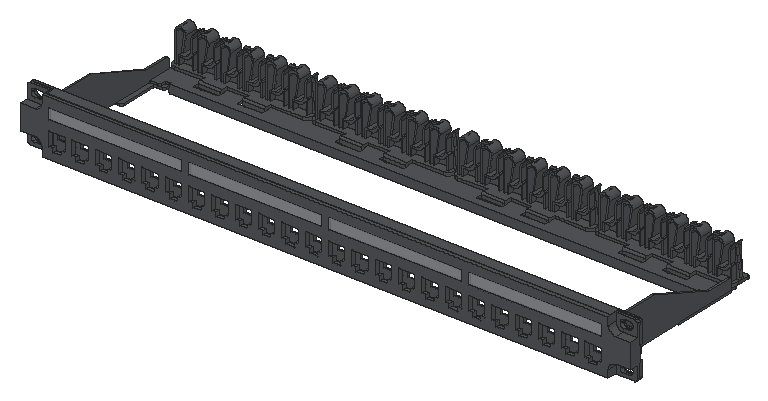
Revit family "Patch panel", category Equipement spécialisé, Revit 2020
Family settings
  Cote de connecteur circulaire = Utiliser le diamètre
  Type d'élément = Normal
  Basée sur le plan de construction = Non
  Toujours verticalement = Oui
  Couper avec des vides une fois chargée = Non
  Partagée = Oui
  Point de calcul de pièce = Non
Parameters (values of type "Patch panel")
  Width (mm) = 482.6 mm
  Storage temperature = "-10_à_70"
  Shielded = yes
  RAL Number = "9017"
  Operating temperature = "-10_à_60"
  Number of height units = "1"
  Number of connectors = 24
  Modular spacing = "19 inches"
  Legrand part number = "632850"
  IK = "IK04"
  Height = 43.8 mm
  Function = "Patch panels connectors copper"
  Elévation par défaut = 0 mm
  ETIM class = "EC001128"
  EAN = "3414972185509"
  E-catalogue link = "https://www.legrand.fr/reference/632850/pro"
  Depth = 140 mm
  Connector type = "RJ45"
  Color = IDS_NOIR
  Cable nature for connection = "Flexible"
  BIM wording = "Patch panel 24 RJ45 Cat 5e 6 6A Keystone to equip with metal cable ring"
Reference planes
  plane 1 "Centre (avant/arrière)": y = 106
  plane 2: z = 0
  plane 3: x = 0
  plane 4: x = 464.6
  plane 5: z = 43.8
  plane 6: y = 104.5
  plane 7: x = -18
  plane 8: x = 446.6
  plane 9: x = 1.5
  plane 10: x = 445.1
  plane 11: z = 25.65
  plane 12: z = 14.175
  plane 13: x = -4.9
  plane 14: x = 223.3
  plane 15: x = -14.8
  plane 16: x = -4.5
  plane 17: z = 41.2
  plane 18: z = 34.4
  plane 19: z = 2.6
  plane 20: z = 9.4
  plane 21: z = 42.3
  plane 22: z = 1.5
  plane 23: y = 97.8
  plane 24: x = -5.65
  plane 25: x = -7.15
  plane 26: y = 118.8
  plane 27: z = 17.175
  plane 28: z = 23.65
  plane 29: x = 461.4
  plane 30: x = 451.1
  plane 31: z = 41.2
  plane 32: z = 34.4
  plane 33: z = 2.6
  plane 34: z = 9.4
  plane 35: x = 452.25
  plane 36: x = 453.75
  plane 37: y = 118.8
  plane 38: x = 221.465
  plane 39: x = 206.665
  plane 40: z = 29.433
  plane 41: z = 8.833
  plane 42: x = 216.065
  plane 43: x = 212.065
  plane 44: z = 31.533
  plane 45: y = 94.8
  plane 46: y = 102
  plane 47: x = 220.575
  plane 48: x = 207.575
  plane 49: z = 20.133
  plane 50: x = 210.675
  plane 51: z = 5.633
  plane 52: x = 217.475
  plane 53: x = 202.125
  plane 54: x = 189.125
  plane 55: z = 20.133
  plane 56: x = 192.225
  plane 57: z = 5.633
  plane 58: x = 199.025
  plane 59: x = 183.675
  plane 60: x = 170.675
  plane 61: z = 20.133
  plane 62: x = 173.775
  plane 63: z = 5.633
  plane 64: x = 180.575
  plane 65: x = 165.225
  plane 66: x = 152.225
  plane 67: z = 20.133
  plane 68: x = 155.325
  plane 69: z = 5.633
  plane 70: x = 162.125
  plane 71: x = 146.775
  plane 72: x = 133.775
  plane 73: z = 20.133
  plane 74: x = 136.875
  plane 75: z = 5.633
  plane 76: x = 143.675
  plane 77: x = 128.325
  plane 78: x = 115.325
  plane 79: z = 20.133
  plane 80: x = 118.425
  plane 81: z = 5.633
  plane 82: x = 125.225
  plane 83: x = 109.875
  plane 84: x = 96.875
  plane 85: z = 20.133
  plane 86: x = 99.975
  plane 87: z = 5.633
  plane 88: x = 106.775
  plane 89: x = 91.425
  plane 90: x = 78.425
  plane 91: z = 20.133
  plane 92: x = 81.525
  plane 93: z = 5.633
  plane 94: x = 88.325
  plane 95: x = 72.975
  plane 96: x = 59.975
  plane 97: z = 20.133
  plane 98: x = 63.075
  plane 99: z = 5.633
  plane 100: x = 69.875
  plane 101: x = 54.525
  plane 102: x = 41.525
  plane 103: z = 20.133
  plane 104: x = 44.625
  plane 105: z = 5.633
  plane 106: x = 51.425
  plane 107: x = 36.075
  plane 108: x = 23.075
  plane 109: z = 20.133
  plane 110: x = 26.175
  plane 111: z = 5.633
  plane 112: x = 32.975
  plane 113: x = 17.625
  plane 114: x = 4.625
  plane 115: z = 20.133
  plane 116: x = 7.725
  plane 117: z = 5.633
  plane 118: x = 14.525
  plane 119: x = 226.025
  plane 120: x = 239.025
  plane 121: z = 20.133
  plane 122: x = 235.925
  plane 123: z = 5.633
  plane 124: x = 229.125
  plane 125: x = 244.475
  plane 126: x = 257.475
  plane 127: z = 20.133
  plane 128: x = 254.375
  plane 129: z = 5.633
  plane 130: x = 247.575
  plane 131: x = 262.925
  plane 132: x = 275.925
  plane 133: z = 20.133
  plane 134: x = 272.825
  plane 135: z = 5.633
  plane 136: x = 266.025
  plane 137: x = 281.375
  plane 138: x = 294.375
  plane 139: z = 20.133
  plane 140: x = 291.275
  plane 141: z = 5.633
  plane 142: x = 284.475
  plane 143: x = 299.825
  plane 144: x = 312.825
  plane 145: z = 20.133
  plane 146: x = 309.725
  plane 147: z = 5.633
  plane 148: x = 302.925
  plane 149: x = 318.275
  plane 150: x = 331.275
  plane 151: z = 20.133
  plane 152: x = 328.175
  plane 153: z = 5.633
  plane 154: x = 321.375
  plane 155: x = 336.725
  plane 156: x = 349.725
  plane 157: z = 20.133
  plane 158: x = 346.625
  plane 159: z = 5.633
  plane 160: x = 339.825
  plane 161: x = 355.175
  plane 162: x = 368.175
  plane 163: z = 20.133
  plane 164: x = 365.075
  plane 165: z = 5.633
  plane 166: x = 358.275
  plane 167: x = 373.625
  plane 168: x = 386.625
  plane 169: z = 20.133
  plane 170: x = 383.525
  plane 171: z = 5.633
  plane 172: x = 376.725
  plane 173: x = 392.075
  plane 174: x = 405.075
  plane 175: z = 20.133
  plane 176: x = 401.975
  plane 177: z = 5.633
  plane 178: x = 395.175
  plane 179: x = 410.525
  plane 180: x = 423.525
  plane 181: z = 20.133
  plane 182: x = 420.425
  plane 183: z = 5.633
  plane 184: x = 413.625
  plane 185: x = 428.975
  plane 186: x = 441.975
  plane 187: z = 20.133
  plane 188: x = 438.875
  plane 189: z = 5.633
  plane 190: x = 432.075
  plane 191: x = 220.575
  plane 192: x = 115.325
  plane 193: z = 27.7
  plane 194: z = 36.55
  plane 195: x = 109.875
  plane 196: x = 4.625
  plane 197: z = 27.7
  plane 198: z = 36.55
  plane 199: x = 226.025
  plane 200: x = 331.275
  plane 201: z = 27.7
  plane 202: z = 36.55
  plane 203: x = 336.725
  plane 204: x = 441.975
  plane 205: z = 27.7
  plane 206: z = 36.55
  plane 207: z = 38.7
  plane 208: y = 127.2
  plane 209: z = 8.1
  plane 210: y = 216.8
  plane 211: z = 1.7
  plane 212: z = 17.7
  plane 213: y = 195.8
  plane 214: y = 141.2
  plane 215: y = 165.26
  plane 216: y = 197.76
  plane 217: y = 224.3
  plane 218: x = 6
  plane 219: x = 13.925
  plane 220: z = 38.7
  plane 221: y = 127.2
  plane 222: z = 8.1
  plane 223: y = 216.8
  plane 224: z = 1.7
  plane 225: z = 17.7
  plane 226: y = 195.8
  plane 227: y = 141.2
  plane 228: y = 165.26
  plane 229: y = 197.76
  plane 230: y = 224.3
  plane 231: x = 440.6
  plane 232: x = 432.675
  plane 233: y = 197.8
  plane 234: y = 224.3
  plane 235: x = 1.75
  plane 236: x = 444.85
  plane 237: y = 203.3
  plane 238: x = 10.225
  plane 239: x = 436.375
  plane 240: x = 14.225
  plane 241: x = 432.375
  plane 242: z = 3.2
  plane 243: x = 194.432
  plane 244: y = 208.3
  plane 245: y = 214.3
  plane 246: x = 174.802
  plane 247: y = 208.3
  plane 248: y = 214.3
  plane 249: x = 62.802
  plane 250: y = 208.3
  plane 251: y = 214.3
  plane 252: x = 271.798
  plane 253: y = 208.3
  plane 254: y = 214.3
  plane 255: x = 383.798
  plane 256: x = 210.05
  plane 257: y = 230.3
  plane 258: y = 233.3
  plane 259: x = 208.05
  plane 260: x = 217.05
  plane 261: x = 191.95
  plane 262: y = 230.3
  plane 263: y = 233.3
  plane 264: x = 189.95
  plane 265: x = 198.95
  plane 266: x = 173.85
  plane 267: y = 230.3
  plane 268: y = 233.3
  plane 269: x = 171.85
  plane 270: x = 180.85
  plane 271: x = 155.75
  plane 272: y = 230.3
  plane 273: y = 233.3
  plane 274: x = 153.75
  plane 275: x = 162.75
  plane 276: x = 137.65
  plane 277: y = 230.3
  plane 278: y = 233.3
  plane 279: x = 135.65
  plane 280: x = 144.65
  plane 281: x = 119.55
  plane 282: y = 230.3
  plane 283: y = 233.3
  plane 284: x = 117.55
  plane 285: x = 126.55
  plane 286: x = 98.05
  plane 287: y = 230.3
  plane 288: y = 233.3
  plane 289: x = 96.05
  plane 290: x = 105.05
  plane 291: x = 79.95
  plane 292: y = 230.3
  plane 293: y = 233.3
  plane 294: x = 77.95
  plane 295: x = 86.95
  plane 296: x = 61.85
  plane 297: y = 230.3
  plane 298: y = 233.3
  plane 299: x = 59.85
  plane 300: x = 68.85
  plane 301: x = 43.75
  plane 302: y = 230.3
  plane 303: y = 233.3
  plane 304: x = 41.75
  plane 305: x = 50.75
  plane 306: x = 25.65
  plane 307: y = 230.3
  plane 308: y = 233.3
  plane 309: x = 23.65
  plane 310: x = 32.65
  plane 311: x = 7.55
  plane 312: y = 230.3
  plane 313: y = 233.3
  plane 314: x = 5.55
  plane 315: x = 14.55
  plane 316: x = 236.55
  plane 317: y = 230.3
  plane 318: y = 233.3
  plane 319: x = 238.55
  plane 320: x = 229.55
  plane 321: x = 254.65
  plane 322: y = 230.3
  plane 323: y = 233.3
  plane 324: x = 256.65
  plane 325: x = 247.65
  plane 326: x = 272.75
  plane 327: y = 230.3
  plane 328: y = 233.3
  plane 329: x = 274.75
  plane 330: x = 265.75
  plane 331: x = 290.85
  plane 332: y = 230.3
  plane 333: y = 233.3
  plane 334: x = 292.85
  plane 335: x = 283.85
  plane 336: x = 308.95
  plane 337: y = 230.3
  plane 338: y = 233.3
  plane 339: x = 310.95
  plane 340: x = 301.95
  plane 341: x = 327.05
  plane 342: y = 230.3
  plane 343: y = 233.3
  plane 344: x = 329.05
  plane 345: x = 320.05
  plane 346: x = 348.55
  plane 347: y = 230.3
  plane 348: y = 233.3
  plane 349: x = 350.55
  plane 350: x = 341.55
  plane 351: x = 366.65
  plane 352: y = 230.3
  plane 353: y = 233.3
  plane 354: x = 368.65
  plane 355: x = 359.65
  plane 356: x = 384.75
  plane 357: y = 230.3
  plane 358: y = 233.3
  plane 359: x = 386.75
  plane 360: x = 377.75
  plane 361: x = 402.85
  plane 362: y = 230.3
  plane 363: y = 233.3
  plane 364: x = 404.85
  plane 365: x = 395.85
  plane 366: x = 420.95
  plane 367: y = 230.3
  plane 368: y = 233.3
  plane 369: x = 422.95
  plane 370: x = 413.95
  plane 371: x = 439.05
  plane 372: y = 230.3
  plane 373: y = 233.3
  plane 374: x = 441.05
  plane 375: x = 432.05
  plane 376: y = 218.3
  plane 377: y = 234.8
  plane 378: x = 0.4
  plane 379: x = 111.4
  plane 380: x = 28.9
  plane 381: x = 55.3
  plane 382: x = 5.4
  plane 383: z = 4.1
  plane 384: y = 233.55
  plane 385: y = 234.8
  plane 386: x = 7.9
  plane 387: z = 7.6
  plane 388: y = 232.3
  plane 389: y = 234.3
  plane 390: z = 6.6
  plane 391: x = 28.15
  plane 392: z = 4.1
  plane 393: y = 233.55
  plane 394: y = 234.8
  plane 395: z = 7.6
  plane 396: y = 232.3
  plane 397: y = 234.3
  plane 398: z = 6.6
  plane 399: y = 231.765
  plane 400: x = 0.4
  plane 401: z = 34.6
  plane 402: x = 17.9
  plane 403: z = 36.6
  plane 404: x = 16.7
  plane 405: x = 5.7
  plane 406: z = 18.6
  plane 407: x = 15.5
  plane 408: z = 33.55
  plane 409: x = 6.9
  plane 410: z = 17.4
  plane 411: x = 16.7
  plane 412: z = 22.4
  plane 413: x = 18.4
  plane 414: z = 34.6
  plane 415: x = 35.9
  plane 416: z = 36.6
  plane 417: x = 34.7
  plane 418: x = 23.7
  plane 419: z = 18.6
  plane 420: x = 33.5
  plane 421: z = 33.55
  plane 422: x = 24.9
  plane 423: z = 17.4
  plane 424: x = 34.7
  plane 425: z = 22.4
  plane 426: x = 36.4
  plane 427: z = 34.6
  plane 428: x = 53.9
  plane 429: z = 36.6
  plane 430: x = 52.7
  plane 431: x = 41.7
  plane 432: z = 18.6
  plane 433: x = 51.5
  plane 434: z = 33.55
  plane 435: x = 42.9
  plane 436: z = 17.4
  plane 437: x = 52.7
  plane 438: z = 22.4
  plane 439: x = 54.4
  plane 440: z = 34.6
  plane 441: x = 71.9
  plane 442: z = 36.6
  plane 443: x = 70.7
  plane 444: x = 59.7
  plane 445: z = 18.6
  plane 446: x = 69.5
  plane 447: z = 33.55
  plane 448: x = 60.9
  plane 449: z = 17.4
  plane 450: x = 70.7
  plane 451: z = 22.4
  plane 452: x = 72.4
  plane 453: z = 34.6
  plane 454: x = 89.9
  plane 455: z = 36.6
  plane 456: x = 88.7
  plane 457: x = 77.7
  plane 458: z = 18.6
  plane 459: x = 87.5
  plane 460: z = 33.55
  plane 461: x = 78.9
  plane 462: z = 17.4
  plane 463: x = 88.7
  plane 464: z = 22.4
  plane 465: x = 90.4
  plane 466: z = 34.6
  plane 467: x = 107.9
  plane 468: z = 36.6
  plane 469: x = 106.7
  plane 470: x = 95.7
  plane 471: z = 18.6
  plane 472: x = 105.5
  plane 473: z = 33.55
  plane 474: x = 96.9
  plane 475: z = 17.4
  plane 476: x = 106.7
  plane 477: z = 22.4
  plane 478: y = 226.765
  plane 479: x = 17.9
  plane 480: x = 35.9
  plane 481: x = 53.9
  plane 482: x = 71.9
  plane 483: x = 89.9
  plane 484: x = 167.3
  plane 485: y = 218.3
  plane 486: y = 234.8
  plane 487: x = 111.9
  plane 488: x = 222.9
  plane 489: z = 4.1
  plane 490: y = 233.55
  plane 491: y = 234.8
  plane 492: x = 119.4
  plane 493: z = 7.6
  plane 494: y = 232.3
  plane 495: y = 234.3
  plane 496: z = 6.6
  plane 497: z = 4.1
  plane 498: y = 233.55
  plane 499: y = 234.8
  plane 500: z = 7.6
  plane 501: y = 232.3
  plane 502: y = 234.3
  plane 503: z = 6.6
  plane 504: x = 111.9
  plane 505: z = 34.6
  plane 506: x = 129.4
  plane 507: z = 36.6
  plane 508: x = 128.2
  plane 509: x = 117.2
  plane 510: z = 18.6
  plane 511: x = 127
  plane 512: z = 33.55
  plane 513: x = 118.4
  plane 514: z = 17.4
  plane 515: x = 128.2
  plane 516: z = 22.4
  plane 517: x = 129.9
  plane 518: z = 34.6
  plane 519: x = 147.4
  plane 520: z = 36.6
  plane 521: x = 146.2
  plane 522: x = 135.2
  plane 523: z = 18.6
  plane 524: x = 145
  plane 525: z = 33.55
  plane 526: x = 136.4
  plane 527: z = 17.4
  plane 528: x = 146.2
  plane 529: z = 22.4
  plane 530: x = 147.9
  plane 531: z = 34.6
  plane 532: x = 165.4
  plane 533: z = 36.6
  plane 534: x = 164.2
  plane 535: x = 153.2
  plane 536: z = 18.6
  plane 537: x = 163
  plane 538: z = 33.55
  plane 539: x = 154.4
  plane 540: z = 17.4
  plane 541: x = 164.2
  plane 542: z = 22.4
  plane 543: x = 165.9
  plane 544: z = 34.6
  plane 545: x = 183.4
  plane 546: z = 36.6
  plane 547: x = 182.2
  plane 548: x = 171.2
  plane 549: z = 18.6
  plane 550: x = 181
  plane 551: z = 33.55
  plane 552: x = 172.4
  plane 553: z = 17.4
  plane 554: x = 182.2
  plane 555: z = 22.4
  plane 556: x = 183.9
  plane 557: z = 34.6
  plane 558: x = 201.4
  plane 559: z = 36.6
  plane 560: x = 200.2
  plane 561: x = 189.2
  plane 562: z = 18.6
  plane 563: x = 199
  plane 564: z = 33.55
  plane 565: x = 190.4
  plane 566: z = 17.4
  plane 567: x = 200.2
  plane 568: z = 22.4
  plane 569: x = 201.9
  plane 570: z = 34.6
  plane 571: x = 219.4
  plane 572: z = 36.6
  plane 573: x = 218.2
  plane 574: x = 207.2
  plane 575: z = 18.6
  plane 576: x = 217
  plane 577: z = 33.55
  plane 578: x = 208.4
  plane 579: z = 17.4
  plane 580: x = 218.2
  plane 581: z = 22.4
  plane 582: x = 129.4
  plane 583: x = 147.4
  plane 584: x = 165.4
  plane 585: x = 183.4
  plane 586: x = 201.4
  plane 587: x = 447
  plane 588: y = 218.3
  plane 589: y = 234.8
  plane 590: x = 336
  plane 591: x = 447
  plane 592: z = 4.1
  plane 593: y = 233.55
  plane 594: y = 234.8
  plane 595: x = 343.5
  plane 596: z = 7.6
  plane 597: y = 232.3
  plane 598: y = 234.3
  plane 599: z = 6.6
  plane 600: z = 4.1
  plane 601: y = 233.55
  plane 602: y = 234.8
  plane 603: z = 7.6
  plane 604: y = 232.3
  plane 605: y = 234.3
  plane 606: z = 6.6
  plane 607: x = 336
  plane 608: z = 34.6
  plane 609: x = 353.5
  plane 610: z = 36.6
  plane 611: x = 352.3
  plane 612: x = 341.3
  plane 613: z = 18.6
  plane 614: x = 351.1
  plane 615: z = 33.55
  plane 616: x = 342.5
  plane 617: z = 17.4
  plane 618: x = 352.3
  plane 619: z = 22.4
  plane 620: x = 354
  plane 621: z = 34.6
  plane 622: x = 371.5
  plane 623: z = 36.6
  plane 624: x = 370.3
  plane 625: x = 359.3
  plane 626: z = 18.6
  plane 627: x = 369.1
  plane 628: z = 33.55
  plane 629: x = 360.5
  plane 630: z = 17.4
  plane 631: x = 370.3
  plane 632: z = 22.4
  plane 633: x = 372
  plane 634: z = 34.6
  plane 635: x = 389.5
  plane 636: z = 36.6
  plane 637: x = 388.3
  plane 638: x = 377.3
  plane 639: z = 18.6
  plane 640: x = 387.1
  plane 641: z = 33.55
  plane 642: x = 378.5
  plane 643: z = 17.4
  plane 644: x = 388.3
  plane 645: z = 22.4
  plane 646: x = 390
  plane 647: z = 34.6
  plane 648: x = 407.5
  plane 649: z = 36.6
  plane 650: x = 406.3
  plane 651: x = 395.3
  plane 652: z = 18.6
  plane 653: x = 405.1
  plane 654: z = 33.55
  plane 655: x = 396.5
  plane 656: z = 17.4
  plane 657: x = 406.3
  plane 658: z = 22.4
  plane 659: x = 408
  plane 660: z = 34.6
  plane 661: x = 425.5
  plane 662: z = 36.6
  plane 663: x = 424.3
  plane 664: x = 413.3
  plane 665: z = 18.6
  plane 666: x = 423.1
  plane 667: z = 33.55
  plane 668: x = 414.5
  plane 669: z = 17.4
  plane 670: x = 424.3
  plane 671: z = 22.4
  plane 672: x = 426
  plane 673: z = 34.6
  plane 674: x = 443.5
  plane 675: z = 36.6
  plane 676: x = 442.3
  plane 677: x = 431.3
  plane 678: z = 18.6
  plane 679: x = 441.1
  plane 680: z = 33.55
  plane 681: x = 432.5
  plane 682: z = 17.4
  plane 683: x = 442.3
  plane 684: z = 22.4
  plane 685: x = 353.5
  plane 686: x = 371.5
  plane 687: x = 389.5
  plane 688: x = 407.5
  plane 689: x = 425.5
  plane 690: y = 218.3
  plane 691: y = 234.8
  plane 692: x = 224.5
  plane 693: x = 335.5
  plane 694: z = 4.1
  plane 695: y = 233.55
  plane 696: y = 234.8
  plane 697: x = 232
  plane 698: z = 7.6
  plane 699: y = 232.3
  plane 700: y = 234.3
  plane 701: z = 6.6
  plane 702: z = 4.1
  plane 703: y = 233.55
  plane 704: y = 234.8
  plane 705: z = 7.6
  plane 706: y = 232.3
  plane 707: y = 234.3
  plane 708: z = 6.6
  plane 709: x = 224.5
  plane 710: z = 34.6
  plane 711: x = 242
  plane 712: z = 36.6
  plane 713: x = 240.8
  plane 714: x = 229.8
  plane 715: z = 18.6
  plane 716: x = 239.6
  plane 717: z = 33.55
  plane 718: x = 231
  plane 719: z = 17.4
  plane 720: x = 240.8
  plane 721: z = 22.4
  plane 722: x = 242.5
  plane 723: z = 34.6
  plane 724: x = 260
  plane 725: z = 36.6
  plane 726: x = 258.8
  plane 727: x = 247.8
  plane 728: z = 18.6
  plane 729: x = 257.6
  plane 730: z = 33.55
  plane 731: x = 249
  plane 732: z = 17.4
  plane 733: x = 258.8
  plane 734: z = 22.4
  plane 735: x = 260.5
  plane 736: z = 34.6
  plane 737: x = 278
  plane 738: z = 36.6
  plane 739: x = 276.8
  plane 740: x = 265.8
  plane 741: z = 18.6
  plane 742: x = 275.6
  plane 743: z = 33.55
  plane 744: x = 267
  plane 745: z = 17.4
  plane 746: x = 276.8
  plane 747: z = 22.4
  plane 748: x = 278.5
  plane 749: z = 34.6
  plane 750: x = 296
  plane 751: z = 36.6
  plane 752: x = 294.8
  plane 753: x = 283.8
  plane 754: z = 18.6
  plane 755: x = 293.6
  plane 756: z = 33.55
  plane 757: x = 285
  plane 758: z = 17.4
  plane 759: x = 294.8
  plane 760: z = 22.4
  plane 761: x = 296.5
  plane 762: z = 34.6
  plane 763: x = 314
  plane 764: z = 36.6
  plane 765: x = 312.8
  plane 766: x = 301.8
  plane 767: z = 18.6
  plane 768: x = 311.6
  plane 769: z = 33.55
  plane 770: x = 303
  plane 771: z = 17.4
  plane 772: x = 312.8
  plane 773: z = 22.4
  plane 774: x = 314.5
  plane 775: z = 34.6
  plane 776: x = 332
  plane 777: z = 36.6
  plane 778: x = 330.8
  plane 779: x = 319.8
  plane 780: z = 18.6
  plane 781: x = 329.6
  plane 782: z = 33.55
  plane 783: x = 321
  plane 784: z = 17.4
  plane 785: x = 330.8
  plane 786: z = 22.4
  plane 787: x = 242
  plane 788: x = 260
  plane 789: x = 278
  plane 790: x = 296
  plane 791: x = 314
Forms (mm)
  Extrusion 1, solid, material "IDS_NOIR" <- "Color"
    sketch origin (0, 106, 0) x (1, 0, 0) y (0, 0, 1)
      loop
        arc (-15.5, 43.8) -> (-17.268, 43.068) -> (-18, 41.3) r 2.5
        line (-18, 41.3) -> (-18, 2.5)
        arc (-18, 2.5) -> (-17.268, 0.732) -> (-15.5, 0) r 2.5
        line (-15.5, 0) -> (462.1, 0)
        arc (462.1, 0) -> (463.868, 0.732) -> (464.6, 2.5) r 2.5
        line (464.6, 2.5) -> (464.6, 41.3)
        arc (464.6, 41.3) -> (463.868, 43.068) -> (462.1, 43.8) r 2.5
        line (462.1, 43.8) -> (-15.5, 43.8)
    from 0 to 1.5
  Extrusion 2, void
    sketch origin (0, 106, 0) x (1, 0, 0) y (0, 0, 1)
      loop
        line (-4.9, 14.175) -> (-4.9, 25.65) -> (-18, 25.65) -> (-18, 14.175) -> (-4.9, 14.175)
      loop
        line (-11.8, 34.4) -> (-7.5, 34.4)
        arc (-7.5, 34.4) -> (-5.379, 35.279) -> (-4.5, 37.4) r 3
        line (-4.5, 37.4) -> (-4.5, 38.2)
        arc (-4.5, 38.2) -> (-5.379, 40.321) -> (-7.5, 41.2) r 3
        line (-7.5, 41.2) -> (-11.8, 41.2)
        arc (-11.8, 41.2) -> (-13.921, 40.321) -> (-14.8, 38.2) r 3
        line (-14.8, 38.2) -> (-14.8, 37.4)
        arc (-14.8, 37.4) -> (-13.921, 35.279) -> (-11.8, 34.4) r 3
      loop
        arc (-11.8, 9.4) -> (-13.921, 8.521) -> (-14.8, 6.4) r 3
        line (-14.8, 6.4) -> (-14.8, 5.6)
        arc (-14.8, 5.6) -> (-13.921, 3.479) -> (-11.8, 2.6) r 3
        line (-11.8, 2.6) -> (-7.5, 2.6)
        arc (-7.5, 2.6) -> (-5.379, 3.479) -> (-4.5, 5.6) r 3
        line (-4.5, 5.6) -> (-4.5, 6.4)
        arc (-4.5, 6.4) -> (-5.379, 8.521) -> (-7.5, 9.4) r 3
        line (-7.5, 9.4) -> (-11.8, 9.4)
    from 0 to 1.5
  Extrusion 3, solid, material "IDS_NOIR" <- "Color"
    sketch origin (0, 0, 0) x (0, 1, 0) y (0, 0, 1)
      loop
        line (97.8, 42.3) -> (106, 42.3) -> (106, 43.8) -> (97.8, 43.8) -> (97.8, 42.3)
      loop
        line (106, 0) -> (106, 1.5) -> (97.8, 1.5) -> (97.8, 0) -> (106, 0)
    from 0 to 446.6
  Extrusion 4, solid, material "IDS_NOIR" <- "Color"
    sketch origin (-19.476, -1524, 17.175) x (-1, 0, 0) y (0, -1, 0)
      loop
        line (-12.326, -1642.8) -> (-12.326, -1629.7)
        arc (-12.326, -1629.7) -> (-12.677, -1628.851) -> (-13.526, -1628.5) r 1.2
        line (-13.526, -1628.5) -> (-14.576, -1628.5) -> (-14.576, -1629.727) -> (-13.826, -1630) -> (-13.826, -1642.8) -> (-12.326, -1642.8)
    from 0 to 6.475
  Extrusion 5, void
    sketch origin (446.6, 106, 0) x (-1, 0, 0) y (0, 0, -1)
      loop
        line (-4.9, -14.175) -> (-18, -14.175) -> (-18, -25.65) -> (-4.9, -25.65) -> (-4.9, -14.175)
      loop
        arc (-11.8, -34.4) -> (-13.921, -35.279) -> (-14.8, -37.4) r 3
        line (-14.8, -37.4) -> (-14.8, -38.2)
        arc (-14.8, -38.2) -> (-13.921, -40.321) -> (-11.8, -41.2) r 3
        line (-11.8, -41.2) -> (-7.5, -41.2)
        arc (-7.5, -41.2) -> (-5.379, -40.321) -> (-4.5, -38.2) r 3
        line (-4.5, -38.2) -> (-4.5, -37.4)
        arc (-4.5, -37.4) -> (-5.379, -35.279) -> (-7.5, -34.4) r 3
        line (-7.5, -34.4) -> (-11.8, -34.4)
      loop
        line (-11.8, -9.4) -> (-7.5, -9.4)
        arc (-7.5, -9.4) -> (-5.379, -8.521) -> (-4.5, -6.4) r 3
        line (-4.5, -6.4) -> (-4.5, -3.975)
        arc (-4.5, -3.975) -> (-5.586, -2.966) -> (-7.022, -2.6) r 3
        line (-7.022, -2.6) -> (-11.8, -2.6)
        arc (-11.8, -2.6) -> (-13.921, -3.479) -> (-14.8, -5.6) r 3
        line (-14.8, -5.6) -> (-14.8, -6.4)
        arc (-14.8, -6.4) -> (-13.921, -8.521) -> (-11.8, -9.4) r 3
    from 0 to 1.5
  Extrusion 6, solid, material "IDS_NOIR" <- "Color"
    sketch origin (466.076, -1524, 17.175) x (1, 0, 0) y (0, 1, 0)
      loop
        line (-12.326, 1642.8) -> (-13.826, 1642.8) -> (-13.826, 1630) -> (-14.576, 1629.727) -> (-14.576, 1628.5) -> (-13.526, 1628.5)
        arc (-13.526, 1628.5) -> (-12.677, 1628.851) -> (-12.326, 1629.7) r 1.2
        line (-12.326, 1629.7) -> (-12.326, 1642.8)
    from 0 to 6.475
  Extrusion 7, void
    sketch origin (-202.95, 106, 0) x (1, 0, 0) y (0, 0, 1)
      loop
        line (424.415, 8.833) -> (424.415, 29.433) -> (419.015, 29.433) -> (419.015, 31.533) -> (415.015, 31.533) -> (415.015, 29.433) -> (409.615, 29.433) -> (409.615, 8.833) -> (424.415, 8.833)
    from 0 to 1.5
  Extrusion 8, void
    sketch origin (-202.95, 106, 0) x (1, 0, 0) y (0, 0, 1)
      loop
        line (405.965, 8.833) -> (405.965, 29.433) -> (400.565, 29.433) -> (400.565, 31.533) -> (396.565, 31.533) -> (396.565, 29.433) -> (391.165, 29.433) -> (391.165, 8.833) -> (405.965, 8.833)
    from 0 to 1.5
  Extrusion 9, void
    sketch origin (-202.95, 106, 0) x (1, 0, 0) y (0, 0, 1)
      loop
        line (387.515, 8.833) -> (387.515, 29.433) -> (382.115, 29.433) -> (382.115, 31.533) -> (378.115, 31.533) -> (378.115, 29.433) -> (372.715, 29.433) -> (372.715, 8.833) -> (387.515, 8.833)
    from 0 to 1.5
  Extrusion 10, void
    sketch origin (-202.95, 106, 0) x (1, 0, 0) y (0, 0, 1)
      loop
        line (369.065, 8.833) -> (369.065, 29.433) -> (363.665, 29.433) -> (363.665, 31.533) -> (359.665, 31.533) -> (359.665, 29.433) -> (354.265, 29.433) -> (354.265, 8.833) -> (369.065, 8.833)
    from 0 to 1.5
  Extrusion 11, void
    sketch origin (-202.95, 106, 0) x (1, 0, 0) y (0, 0, 1)
      loop
        line (350.615, 8.833) -> (350.615, 29.433) -> (345.215, 29.433) -> (345.215, 31.533) -> (341.215, 31.533) -> (341.215, 29.433) -> (335.815, 29.433) -> (335.815, 8.833) -> (350.615, 8.833)
    from 0 to 1.5
  Extrusion 12, void
    sketch origin (-202.95, 106, 0) x (1, 0, 0) y (0, 0, 1)
      loop
        line (332.165, 8.833) -> (332.165, 29.433) -> (326.765, 29.433) -> (326.765, 31.533) -> (322.765, 31.533) -> (322.765, 29.433) -> (317.365, 29.433) -> (317.365, 8.833) -> (332.165, 8.833)
    from 0 to 1.5
  Extrusion 13, void
    sketch origin (-202.95, 106, 0) x (1, 0, 0) y (0, 0, 1)
      loop
        line (313.715, 8.833) -> (313.715, 29.433) -> (308.315, 29.433) -> (308.315, 31.533) -> (304.315, 31.533) -> (304.315, 29.433) -> (298.915, 29.433) -> (298.915, 8.833) -> (313.715, 8.833)
    from 0 to 1.5
  Extrusion 14, void
    sketch origin (-202.95, 106, 0) x (1, 0, 0) y (0, 0, 1)
      loop
        line (295.265, 8.833) -> (295.265, 29.433) -> (289.865, 29.433) -> (289.865, 31.533) -> (285.865, 31.533) -> (285.865, 29.433) -> (280.465, 29.433) -> (280.465, 8.833) -> (295.265, 8.833)
    from 0 to 1.5
  Extrusion 15, void
    sketch origin (-202.95, 106, 0) x (1, 0, 0) y (0, 0, 1)
      loop
        line (276.815, 8.833) -> (276.815, 29.433) -> (271.415, 29.433) -> (271.415, 31.533) -> (267.415, 31.533) -> (267.415, 29.433) -> (262.015, 29.433) -> (262.015, 8.833) -> (276.815, 8.833)
    from 0 to 1.5
  Extrusion 16, void
    sketch origin (-202.95, 106, 0) x (1, 0, 0) y (0, 0, 1)
      loop
        line (258.365, 8.833) -> (258.365, 29.433) -> (252.965, 29.433) -> (252.965, 31.533) -> (248.965, 31.533) -> (248.965, 29.433) -> (243.565, 29.433) -> (243.565, 8.833) -> (258.365, 8.833)
    from 0 to 1.5
  Extrusion 17, void
    sketch origin (-202.95, 106, 0) x (1, 0, 0) y (0, 0, 1)
      loop
        line (239.915, 8.833) -> (239.915, 29.433) -> (234.515, 29.433) -> (234.515, 31.533) -> (230.515, 31.533) -> (230.515, 29.433) -> (225.115, 29.433) -> (225.115, 8.833) -> (239.915, 8.833)
    from 0 to 1.5
  Extrusion 18, void
    sketch origin (-202.95, 106, 0) x (1, 0, 0) y (0, 0, 1)
      loop
        line (221.465, 8.833) -> (221.465, 29.433) -> (216.065, 29.433) -> (216.065, 31.533) -> (212.065, 31.533) -> (212.065, 29.433) -> (206.665, 29.433) -> (206.665, 8.833) -> (221.465, 8.833)
    from 0 to 1.5
  Extrusion 19, void
    sketch origin (-405.9, 106, 0) x (1, 0, 0) y (0, 0, 1)
      loop
        line (631.035, 8.833) -> (645.835, 8.833) -> (645.835, 29.433) -> (640.435, 29.433) -> (640.435, 31.533) -> (636.435, 31.533) -> (636.435, 29.433) -> (631.035, 29.433) -> (631.035, 8.833)
    from 0 to 1.5
  Extrusion 20, void
    sketch origin (-387.45, 106, 0) x (1, 0, 0) y (0, 0, 1)
      loop
        line (631.035, 8.833) -> (645.835, 8.833) -> (645.835, 29.433) -> (640.435, 29.433) -> (640.435, 31.533) -> (636.435, 31.533) -> (636.435, 29.433) -> (631.035, 29.433) -> (631.035, 8.833)
    from 0 to 1.5
  Extrusion 21, void
    sketch origin (-369, 106, 0) x (1, 0, 0) y (0, 0, 1)
      loop
        line (631.035, 8.833) -> (645.835, 8.833) -> (645.835, 29.433) -> (640.435, 29.433) -> (640.435, 31.533) -> (636.435, 31.533) -> (636.435, 29.433) -> (631.035, 29.433) -> (631.035, 8.833)
    from 0 to 1.5
  Extrusion 22, void
    sketch origin (-350.55, 106, 0) x (1, 0, 0) y (0, 0, 1)
      loop
        line (631.035, 8.833) -> (645.835, 8.833) -> (645.835, 29.433) -> (640.435, 29.433) -> (640.435, 31.533) -> (636.435, 31.533) -> (636.435, 29.433) -> (631.035, 29.433) -> (631.035, 8.833)
    from 0 to 1.5
  Extrusion 23, void
    sketch origin (-332.1, 106, 0) x (1, 0, 0) y (0, 0, 1)
      loop
        line (631.035, 8.833) -> (645.835, 8.833) -> (645.835, 29.433) -> (640.435, 29.433) -> (640.435, 31.533) -> (636.435, 31.533) -> (636.435, 29.433) -> (631.035, 29.433) -> (631.035, 8.833)
    from 0 to 1.5
  Extrusion 24, void
    sketch origin (-313.65, 106, 0) x (1, 0, 0) y (0, 0, 1)
      loop
        line (631.035, 8.833) -> (645.835, 8.833) -> (645.835, 29.433) -> (640.435, 29.433) -> (640.435, 31.533) -> (636.435, 31.533) -> (636.435, 29.433) -> (631.035, 29.433) -> (631.035, 8.833)
    from 0 to 1.5
  Extrusion 25, void
    sketch origin (-295.2, 106, 0) x (1, 0, 0) y (0, 0, 1)
      loop
        line (631.035, 8.833) -> (645.835, 8.833) -> (645.835, 29.433) -> (640.435, 29.433) -> (640.435, 31.533) -> (636.435, 31.533) -> (636.435, 29.433) -> (631.035, 29.433) -> (631.035, 8.833)
    from 0 to 1.5
  Extrusion 26, void
    sketch origin (-276.75, 106, 0) x (1, 0, 0) y (0, 0, 1)
      loop
        line (631.035, 8.833) -> (645.835, 8.833) -> (645.835, 29.433) -> (640.435, 29.433) -> (640.435, 31.533) -> (636.435, 31.533) -> (636.435, 29.433) -> (631.035, 29.433) -> (631.035, 8.833)
    from 0 to 1.5
  Extrusion 27, void
    sketch origin (-258.3, 106, 0) x (1, 0, 0) y (0, 0, 1)
      loop
        line (631.035, 8.833) -> (645.835, 8.833) -> (645.835, 29.433) -> (640.435, 29.433) -> (640.435, 31.533) -> (636.435, 31.533) -> (636.435, 29.433) -> (631.035, 29.433) -> (631.035, 8.833)
    from 0 to 1.5
  Extrusion 28, void
    sketch origin (-239.85, 106, 0) x (1, 0, 0) y (0, 0, 1)
      loop
        line (631.035, 8.833) -> (645.835, 8.833) -> (645.835, 29.433) -> (640.435, 29.433) -> (640.435, 31.533) -> (636.435, 31.533) -> (636.435, 29.433) -> (631.035, 29.433) -> (631.035, 8.833)
    from 0 to 1.5
  Extrusion 29, void
    sketch origin (-221.4, 106, 0) x (1, 0, 0) y (0, 0, 1)
      loop
        line (631.035, 8.833) -> (645.835, 8.833) -> (645.835, 29.433) -> (640.435, 29.433) -> (640.435, 31.533) -> (636.435, 31.533) -> (636.435, 29.433) -> (631.035, 29.433) -> (631.035, 8.833)
    from 0 to 1.5
  Extrusion 30, void
    sketch origin (-202.95, 106, 0) x (1, 0, 0) y (0, 0, 1)
      loop
        line (631.035, 8.833) -> (645.835, 8.833) -> (645.835, 29.433) -> (640.435, 29.433) -> (640.435, 31.533) -> (636.435, 31.533) -> (636.435, 29.433) -> (631.035, 29.433) -> (631.035, 8.833)
    from 0 to 1.5
  Extrusion 31, solid, material "IDS_NOIR" <- "Color"
    sketch origin (-186.207, 0, 0) x (1, 0, 0) y (0, 1, 0)
      loop
        line (168.207, 94.8) -> (650.807, 94.8) -> (650.807, 104.5) -> (632.807, 104.5) -> (632.807, 97.8) -> (186.207, 97.8) -> (186.207, 104.5) -> (168.207, 104.5) -> (168.207, 94.8)
    from 0 to 43.8
  Extrusion 32, void
    sketch origin (-23.337, 94.8, 1200) x (1, 0, 0) y (0, 0, 1)
      loop
        line (5.337, -1156.2) -> (5.337, -1168.465) -> (16.837, -1168.465)
        arc (16.837, -1168.465) -> (21.079, -1166.708) -> (22.837, -1162.465) r 6
        line (22.837, -1162.465) -> (22.837, -1156.2) -> (5.337, -1156.2)
      loop
        line (5.337, -1200) -> (22.837, -1200) -> (22.837, -1193.735)
        arc (22.837, -1193.735) -> (21.079, -1189.492) -> (16.837, -1187.735) r 6
        line (16.837, -1187.735) -> (5.337, -1187.735) -> (5.337, -1200)
    from 0 to -7.2
  Extrusion 33, void
    sketch origin (469.937, 94.8, 1200) x (-1, 0, 0) y (0, 0, -1)
      loop
        line (5.337, 1156.2) -> (22.837, 1156.2) -> (22.837, 1162.465)
        arc (22.837, 1162.465) -> (21.079, 1166.708) -> (16.837, 1168.465) r 6
        line (16.837, 1168.465) -> (5.337, 1168.465) -> (5.337, 1156.2)
      loop
        line (5.337, 1200) -> (5.337, 1187.735) -> (16.837, 1187.735)
        arc (16.837, 1187.735) -> (21.079, 1189.492) -> (22.837, 1193.735) r 6
        line (22.837, 1193.735) -> (22.837, 1200) -> (5.337, 1200)
    from 0 to -7.2
  Extrusion 34, void
    sketch origin (-23.337, 102, 1200) x (-1, 0, 0) y (0, 0, 1)
      loop
        line (-11.537, -1158.8) -> (-15.837, -1158.8)
        arc (-15.837, -1158.8) -> (-17.958, -1159.679) -> (-18.837, -1161.8) r 3
        line (-18.837, -1161.8) -> (-18.837, -1162.6)
        arc (-18.837, -1162.6) -> (-17.958, -1164.721) -> (-15.837, -1165.6) r 3
        line (-15.837, -1165.6) -> (-11.537, -1165.6)
        arc (-11.537, -1165.6) -> (-9.415, -1164.721) -> (-8.537, -1162.6) r 3
        line (-8.537, -1162.6) -> (-8.537, -1161.8)
        arc (-8.537, -1161.8) -> (-9.415, -1159.679) -> (-11.537, -1158.8) r 3
      loop
        arc (-7.837, -1156.2) -> (-6.069, -1156.932) -> (-5.337, -1158.7) r 2.5
        line (-5.337, -1158.7) -> (-5.337, -1156.2) -> (-7.837, -1156.2)
      loop
        line (-8.537, -1194.4) -> (-8.537, -1193.6)
        arc (-8.537, -1193.6) -> (-9.415, -1191.479) -> (-11.537, -1190.6) r 3
        line (-11.537, -1190.6) -> (-15.837, -1190.6)
        arc (-15.837, -1190.6) -> (-17.958, -1191.479) -> (-18.837, -1193.6) r 3
        line (-18.837, -1193.6) -> (-18.837, -1194.4)
        arc (-18.837, -1194.4) -> (-17.958, -1196.521) -> (-15.837, -1197.4) r 3
        line (-15.837, -1197.4) -> (-11.537, -1197.4)
        arc (-11.537, -1197.4) -> (-9.415, -1196.521) -> (-8.537, -1194.4) r 3
      loop
        line (-5.337, -1200) -> (-5.337, -1197.5)
        arc (-5.337, -1197.5) -> (-6.069, -1199.268) -> (-7.837, -1200) r 2.5
        line (-7.837, -1200) -> (-5.337, -1200)
      loop
        arc (-481.737, -1158.8) -> (-483.858, -1159.679) -> (-484.737, -1161.8) r 3
        line (-484.737, -1161.8) -> (-484.737, -1162.6)
        arc (-484.737, -1162.6) -> (-483.858, -1164.721) -> (-481.737, -1165.6) r 3
        line (-481.737, -1165.6) -> (-477.437, -1165.6)
        arc (-477.437, -1165.6) -> (-475.315, -1164.721) -> (-474.437, -1162.6) r 3
        line (-474.437, -1162.6) -> (-474.437, -1161.8)
        arc (-474.437, -1161.8) -> (-475.315, -1159.679) -> (-477.437, -1158.8) r 3
        line (-477.437, -1158.8) -> (-481.737, -1158.8)
      loop
        line (-485.437, -1156.2) -> (-487.937, -1156.2) -> (-487.937, -1158.7)
        arc (-487.937, -1158.7) -> (-487.205, -1156.932) -> (-485.437, -1156.2) r 2.5
      loop
        arc (-484.737, -1194.4) -> (-483.858, -1196.521) -> (-481.737, -1197.4) r 3
        line (-481.737, -1197.4) -> (-477.437, -1197.4)
        arc (-477.437, -1197.4) -> (-475.315, -1196.521) -> (-474.437, -1194.4) r 3
        line (-474.437, -1194.4) -> (-474.437, -1193.6)
        arc (-474.437, -1193.6) -> (-475.315, -1191.479) -> (-477.437, -1190.6) r 3
        line (-477.437, -1190.6) -> (-481.737, -1190.6)
        arc (-481.737, -1190.6) -> (-483.858, -1191.479) -> (-484.737, -1193.6) r 3
        line (-484.737, -1193.6) -> (-484.737, -1194.4)
      loop
        line (-487.937, -1200) -> (-485.437, -1200)
        arc (-485.437, -1200) -> (-487.205, -1199.268) -> (-487.937, -1197.5) r 2.5
        line (-487.937, -1197.5) -> (-487.937, -1200)
    from 0 to 2.5
  Extrusion 35, void
    sketch origin (-226.287, 94.8, 1200) x (1, 0, 0) y (0, 0, 1)
      loop
        line (433.862, -1179.867) -> (433.862, -1191.167) -> (436.962, -1191.167) -> (436.962, -1194.367) -> (443.762, -1194.367) -> (443.762, -1191.167) -> (446.862, -1191.167) -> (446.862, -1179.867) -> (433.862, -1179.867)
    from 0 to -3
  Extrusion 36, void
    sketch origin (-226.287, 94.8, 1200) x (1, 0, 0) y (0, 0, 1)
      loop
        line (415.412, -1179.867) -> (415.412, -1191.167) -> (418.512, -1191.167) -> (418.512, -1194.367) -> (425.312, -1194.367) -> (425.312, -1191.167) -> (428.412, -1191.167) -> (428.412, -1179.867) -> (415.412, -1179.867)
    from 0 to -3
  Extrusion 37, void
    sketch origin (-226.287, 94.8, 1200) x (1, 0, 0) y (0, 0, 1)
      loop
        line (396.962, -1179.867) -> (396.962, -1191.167) -> (400.062, -1191.167) -> (400.062, -1194.367) -> (406.862, -1194.367) -> (406.862, -1191.167) -> (409.962, -1191.167) -> (409.962, -1179.867) -> (396.962, -1179.867)
    from 0 to -3
  Extrusion 38, void
    sketch origin (-226.287, 94.8, 1200) x (1, 0, 0) y (0, 0, 1)
      loop
        line (378.512, -1179.867) -> (378.512, -1191.167) -> (381.612, -1191.167) -> (381.612, -1194.367) -> (388.412, -1194.367) -> (388.412, -1191.167) -> (391.512, -1191.167) -> (391.512, -1179.867) -> (378.512, -1179.867)
    from 0 to -3
  Extrusion 39, void
    sketch origin (-226.287, 94.8, 1200) x (1, 0, 0) y (0, 0, 1)
      loop
        line (360.062, -1179.867) -> (360.062, -1191.167) -> (363.162, -1191.167) -> (363.162, -1194.367) -> (369.962, -1194.367) -> (369.962, -1191.167) -> (373.062, -1191.167) -> (373.062, -1179.867) -> (360.062, -1179.867)
    from 0 to -3
  Extrusion 40, void
    sketch origin (-226.287, 94.8, 1200) x (1, 0, 0) y (0, 0, 1)
      loop
        line (341.612, -1179.867) -> (341.612, -1191.167) -> (344.712, -1191.167) -> (344.712, -1194.367) -> (351.512, -1194.367) -> (351.512, -1191.167) -> (354.612, -1191.167) -> (354.612, -1179.867) -> (341.612, -1179.867)
    from 0 to -3
  Extrusion 41, void
    sketch origin (-226.287, 94.8, 1200) x (1, 0, 0) y (0, 0, 1)
      loop
        line (323.162, -1179.867) -> (323.162, -1191.167) -> (326.262, -1191.167) -> (326.262, -1194.367) -> (333.062, -1194.367) -> (333.062, -1191.167) -> (336.162, -1191.167) -> (336.162, -1179.867) -> (323.162, -1179.867)
    from 0 to -3
  Extrusion 42, void
    sketch origin (-226.287, 94.8, 1200) x (1, 0, 0) y (0, 0, 1)
      loop
        line (304.712, -1179.867) -> (304.712, -1191.167) -> (307.812, -1191.167) -> (307.812, -1194.367) -> (314.612, -1194.367) -> (314.612, -1191.167) -> (317.712, -1191.167) -> (317.712, -1179.867) -> (304.712, -1179.867)
    from 0 to -3
  Extrusion 43, void
    sketch origin (-226.287, 94.8, 1200) x (1, 0, 0) y (0, 0, 1)
      loop
        line (286.262, -1179.867) -> (286.262, -1191.167) -> (289.362, -1191.167) -> (289.362, -1194.367) -> (296.162, -1194.367) -> (296.162, -1191.167) -> (299.262, -1191.167) -> (299.262, -1179.867) -> (286.262, -1179.867)
    from 0 to -3
  Extrusion 44, void
    sketch origin (-226.287, 94.8, 1200) x (1, 0, 0) y (0, 0, 1)
      loop
        line (267.812, -1179.867) -> (267.812, -1191.167) -> (270.912, -1191.167) -> (270.912, -1194.367) -> (277.712, -1194.367) -> (277.712, -1191.167) -> (280.812, -1191.167) -> (280.812, -1179.867) -> (267.812, -1179.867)
    from 0 to -3
  Extrusion 45, void
    sketch origin (-226.287, 94.8, 1200) x (1, 0, 0) y (0, 0, 1)
      loop
        line (249.362, -1179.867) -> (249.362, -1191.167) -> (252.462, -1191.167) -> (252.462, -1194.367) -> (259.262, -1194.367) -> (259.262, -1191.167) -> (262.362, -1191.167) -> (262.362, -1179.867) -> (249.362, -1179.867)
    from 0 to -3
  Extrusion 46, void
    sketch origin (-226.287, 94.8, 1200) x (1, 0, 0) y (0, 0, 1)
      loop
        line (230.912, -1179.867) -> (230.912, -1191.167) -> (234.012, -1191.167) -> (234.012, -1194.367) -> (240.812, -1194.367) -> (240.812, -1191.167) -> (243.912, -1191.167) -> (243.912, -1179.867) -> (230.912, -1179.867)
    from 0 to -3
  Extrusion 47, void
    sketch origin (-429.237, 94.8, 1200) x (1, 0, 0) y (0, 0, 1)
      loop
        line (668.262, -1179.867) -> (655.262, -1179.867) -> (655.262, -1191.167) -> (658.362, -1191.167) -> (658.362, -1194.367) -> (665.162, -1194.367) -> (665.162, -1191.167) -> (668.262, -1191.167) -> (668.262, -1179.867)
    from 0 to -3
  Extrusion 48, void
    sketch origin (-410.787, 94.8, 1200) x (1, 0, 0) y (0, 0, 1)
      loop
        line (668.262, -1179.867) -> (655.262, -1179.867) -> (655.262, -1191.167) -> (658.362, -1191.167) -> (658.362, -1194.367) -> (665.162, -1194.367) -> (665.162, -1191.167) -> (668.262, -1191.167) -> (668.262, -1179.867)
    from 0 to -3
  Extrusion 49, void
    sketch origin (-392.337, 94.8, 1200) x (1, 0, 0) y (0, 0, 1)
      loop
        line (668.262, -1179.867) -> (655.262, -1179.867) -> (655.262, -1191.167) -> (658.362, -1191.167) -> (658.362, -1194.367) -> (665.162, -1194.367) -> (665.162, -1191.167) -> (668.262, -1191.167) -> (668.262, -1179.867)
    from 0 to -3
  Extrusion 50, void
    sketch origin (-373.887, 94.8, 1200) x (1, 0, 0) y (0, 0, 1)
      loop
        line (668.262, -1179.867) -> (655.262, -1179.867) -> (655.262, -1191.167) -> (658.362, -1191.167) -> (658.362, -1194.367) -> (665.162, -1194.367) -> (665.162, -1191.167) -> (668.262, -1191.167) -> (668.262, -1179.867)
    from 0 to -3
  Extrusion 51, void
    sketch origin (-355.437, 94.8, 1200) x (1, 0, 0) y (0, 0, 1)
      loop
        line (668.262, -1179.867) -> (655.262, -1179.867) -> (655.262, -1191.167) -> (658.362, -1191.167) -> (658.362, -1194.367) -> (665.162, -1194.367) -> (665.162, -1191.167) -> (668.262, -1191.167) -> (668.262, -1179.867)
    from 0 to -3
  Extrusion 52, void
    sketch origin (-336.987, 94.8, 1200) x (1, 0, 0) y (0, 0, 1)
      loop
        line (668.262, -1179.867) -> (655.262, -1179.867) -> (655.262, -1191.167) -> (658.362, -1191.167) -> (658.362, -1194.367) -> (665.162, -1194.367) -> (665.162, -1191.167) -> (668.262, -1191.167) -> (668.262, -1179.867)
    from 0 to -3
  Extrusion 53, void
    sketch origin (-318.537, 94.8, 1200) x (1, 0, 0) y (0, 0, 1)
      loop
        line (668.262, -1179.867) -> (655.262, -1179.867) -> (655.262, -1191.167) -> (658.362, -1191.167) -> (658.362, -1194.367) -> (665.162, -1194.367) -> (665.162, -1191.167) -> (668.262, -1191.167) -> (668.262, -1179.867)
    from 0 to -3
  Extrusion 54, void
    sketch origin (-300.087, 94.8, 1200) x (1, 0, 0) y (0, 0, 1)
      loop
        line (668.262, -1179.867) -> (655.262, -1179.867) -> (655.262, -1191.167) -> (658.362, -1191.167) -> (658.362, -1194.367) -> (665.162, -1194.367) -> (665.162, -1191.167) -> (668.262, -1191.167) -> (668.262, -1179.867)
    from 0 to -3
  Extrusion 55, void
    sketch origin (-281.637, 94.8, 1200) x (1, 0, 0) y (0, 0, 1)
      loop
        line (668.262, -1179.867) -> (655.262, -1179.867) -> (655.262, -1191.167) -> (658.362, -1191.167) -> (658.362, -1194.367) -> (665.162, -1194.367) -> (665.162, -1191.167) -> (668.262, -1191.167) -> (668.262, -1179.867)
    from 0 to -3
  Extrusion 56, void
    sketch origin (-263.187, 94.8, 1200) x (1, 0, 0) y (0, 0, 1)
      loop
        line (668.262, -1179.867) -> (655.262, -1179.867) -> (655.262, -1191.167) -> (658.362, -1191.167) -> (658.362, -1194.367) -> (665.162, -1194.367) -> (665.162, -1191.167) -> (668.262, -1191.167) -> (668.262, -1179.867)
    from 0 to -3
  Extrusion 57, void
    sketch origin (-244.737, 94.8, 1200) x (1, 0, 0) y (0, 0, 1)
      loop
        line (668.262, -1179.867) -> (655.262, -1179.867) -> (655.262, -1191.167) -> (658.362, -1191.167) -> (658.362, -1194.367) -> (665.162, -1194.367) -> (665.162, -1191.167) -> (668.262, -1191.167) -> (668.262, -1179.867)
    from 0 to -3
  Extrusion 58, void
    sketch origin (-226.287, 94.8, 1200) x (1, 0, 0) y (0, 0, 1)
      loop
        line (668.262, -1179.867) -> (655.262, -1179.867) -> (655.262, -1191.167) -> (658.362, -1191.167) -> (658.362, -1194.367) -> (665.162, -1194.367) -> (665.162, -1191.167) -> (668.262, -1191.167) -> (668.262, -1179.867)
    from 0 to -3
  Extrusion 59, void
    sketch origin (464.6, 94.8, 0) x (1, 0, 0) y (0, 0, -1)
      loop
        line (-349.275, -27.7) -> (-349.275, -36.55) -> (-244.025, -36.55) -> (-244.025, -27.7) -> (-349.275, -27.7)
    from 0 to 1
  Extrusion 60, void
    sketch origin (353.9, 94.8, 0) x (1, 0, 0) y (0, 0, -1)
      loop
        line (-349.275, -27.7) -> (-349.275, -36.55) -> (-244.025, -36.55) -> (-244.025, -27.7) -> (-349.275, -27.7)
    from 0 to 1
  Extrusion 61, void
    sketch origin (-18, 94.8, 0) x (-1, 0, 0) y (0, 0, 1)
      loop
        line (-349.275, 27.7) -> (-244.025, 27.7) -> (-244.025, 36.55) -> (-349.275, 36.55) -> (-349.275, 27.7)
    from 0 to 1
  Extrusion 62, void
    sketch origin (92.7, 94.8, 0) x (-1, 0, 0) y (0, 0, 1)
      loop
        line (-349.275, 27.7) -> (-244.025, 27.7) -> (-244.025, 36.55) -> (-349.275, 36.55) -> (-349.275, 27.7)
    from 0 to 1
  Extrusion 63, solid, material "IDS_NOIR" <- "Color"
    sketch origin (0, 0, 0) x (0, 1, 0) y (0, 0, 1)
      loop
        line (107.5, 1.7) -> (125.7, 1.7)
        arc (125.7, 1.7) -> (126.761, 2.139) -> (127.2, 3.2) r 1.5
        line (127.2, 3.2) -> (127.2, 8.1) -> (216.8, 8.1) -> (216.8, 16.2)
        arc (216.8, 16.2) -> (216.361, 17.261) -> (215.3, 17.7) r 1.5
        line (215.3, 17.7) -> (195.8, 17.7) -> (141.2, 38.7) -> (107.5, 38.7)
        arc (107.5, 38.7) -> (106.439, 38.261) -> (106, 37.2) r 1.5
        line (106, 37.2) -> (106, 3.2)
        arc (106, 3.2) -> (106.439, 2.139) -> (107.5, 1.7) r 1.5
    from 0 to 1.5
  Extrusion 64, solid, material "IDS_NOIR" <- "Color"
    sketch origin (0, 127.2, 8.1) x (1, 0, 0) y (0, -1, 0)
      loop
        line (4, -38.06) -> (0, -38.06) -> (0, -89.6) -> (1.5, -89.6) -> (1.5, -95.6)
        arc (1.5, -95.6) -> (1.939, -96.661) -> (3, -97.1) r 1.5
        line (3, -97.1) -> (12.425, -97.1)
        arc (12.425, -97.1) -> (13.486, -96.661) -> (13.925, -95.6) r 1.5
        line (13.925, -95.6) -> (13.925, -72.06)
        arc (13.925, -72.06) -> (13.486, -70.999) -> (12.425, -70.56) r 1.5
        line (12.425, -70.56) -> (7.5, -70.56)
        arc (7.5, -70.56) -> (6.439, -70.121) -> (6, -69.06) r 1.5
        line (6, -69.06) -> (6, -40.06)
        arc (6, -40.06) -> (5.414, -38.646) -> (4, -38.06) r 2
    from 0 to 1.5
  Extrusion 65, solid, material "IDS_NOIR" <- "Color"
    sketch origin (446.6, 0, 0) x (0, 1, 0) y (0, 0, -1)
      loop
        arc (107.5, -1.7) -> (106.439, -2.139) -> (106, -3.2) r 1.5
        line (106, -3.2) -> (106, -37.2)
        arc (106, -37.2) -> (106.439, -38.261) -> (107.5, -38.7) r 1.5
        line (107.5, -38.7) -> (141.2, -38.7) -> (195.8, -17.7) -> (215.3, -17.7)
        arc (215.3, -17.7) -> (216.361, -17.261) -> (216.8, -16.2) r 1.5
        line (216.8, -16.2) -> (216.8, -8.1) -> (127.2, -8.1) -> (127.2, -3.2)
        arc (127.2, -3.2) -> (126.761, -2.139) -> (125.7, -1.7) r 1.5
        line (125.7, -1.7) -> (107.5, -1.7)
    from 0 to 1.5
  Extrusion 66, solid, material "IDS_NOIR" <- "Color"
    sketch origin (446.6, 127.2, 8.1) x (1, 0, 0) y (0, -1, 0)
      loop
        arc (-4, -38.06) -> (-5.414, -38.646) -> (-6, -40.06) r 2
        line (-6, -40.06) -> (-6, -69.06)
        arc (-6, -69.06) -> (-6.439, -70.121) -> (-7.5, -70.56) r 1.5
        line (-7.5, -70.56) -> (-12.425, -70.56)
        arc (-12.425, -70.56) -> (-13.486, -70.999) -> (-13.925, -72.06) r 1.5
        line (-13.925, -72.06) -> (-13.925, -95.6)
        arc (-13.925, -95.6) -> (-13.486, -96.661) -> (-12.425, -97.1) r 1.5
        line (-12.425, -97.1) -> (-3, -97.1)
        arc (-3, -97.1) -> (-1.939, -96.661) -> (-1.5, -95.6) r 1.5
        line (-1.5, -95.6) -> (-1.5, -89.6) -> (0, -89.6) -> (0, -38.06) -> (-4, -38.06)
    from 0 to 1.5
  Extrusion 67, solid, material "IDS_NOIR" <- "Color"
    sketch origin (0, 127.2, 8.1) x (1, 0, 0) y (0, 1, 0)
      loop
        arc (1.5, 71.6) -> (1.793, 70.893) -> (2.5, 70.6) r 1
        line (2.5, 70.6) -> (9.225, 70.6)
        arc (9.225, 70.6) -> (9.932, 70.893) -> (10.225, 71.6) r 1
        line (10.225, 71.6) -> (10.225, 75.1)
        arc (10.225, 75.1) -> (10.518, 75.807) -> (11.225, 76.1) r 1
        line (11.225, 76.1) -> (435.375, 76.1)
        arc (435.375, 76.1) -> (436.082, 75.807) -> (436.375, 75.1) r 1
        line (436.375, 75.1) -> (436.375, 71.6)
        arc (436.375, 71.6) -> (436.668, 70.893) -> (437.375, 70.6) r 1
        line (437.375, 70.6) -> (443.85, 70.6)
        arc (443.85, 70.6) -> (444.557, 70.893) -> (444.85, 71.6) r 1
        line (444.85, 71.6) -> (444.85, 96.1)
        arc (444.85, 96.1) -> (444.557, 96.807) -> (443.85, 97.1) r 1
        line (443.85, 97.1) -> (2.5, 97.1)
        arc (2.5, 97.1) -> (1.793, 96.807) -> (1.5, 96.1) r 1
        line (1.5, 96.1) -> (1.5, 71.6)
    from 0 to 1.5
  Extrusion 68, solid, material "IDS_NOIR" <- "Color"
    sketch origin (436.375, 203.3, 8.1) x (-1, 0, 0) y (0, 0, -1)
      loop
        arc (5, 4.9) -> (4.293, 4.607) -> (4, 3.9) r 1
        line (4, 3.9) -> (4, -1.5) -> (422.15, -1.5) -> (422.15, 3.9)
        arc (422.15, 3.9) -> (421.857, 4.607) -> (421.15, 4.9) r 1
        line (421.15, 4.9) -> (5, 4.9)
    from 0 to 1.5
  Extrusion 69, void
    sketch origin (0, 127.2, 8.1) x (1, 0, 0) y (0, 1, 0)
      loop
        line (175.802, 81.1) -> (193.432, 81.1)
        arc (193.432, 81.1) -> (194.139, 81.393) -> (194.432, 82.1) r 1
        line (194.432, 82.1) -> (194.432, 86.1)
        arc (194.432, 86.1) -> (194.139, 86.807) -> (193.432, 87.1) r 1
        line (193.432, 87.1) -> (175.802, 87.1)
        arc (175.802, 87.1) -> (175.095, 86.807) -> (174.802, 86.1) r 1
        line (174.802, 86.1) -> (174.802, 82.1)
        arc (174.802, 82.1) -> (175.095, 81.393) -> (175.802, 81.1) r 1
      loop
        line (141.172, 81.1) -> (158.802, 81.1)
        arc (158.802, 81.1) -> (159.509, 81.393) -> (159.802, 82.1) r 1
        line (159.802, 82.1) -> (159.802, 86.1)
        arc (159.802, 86.1) -> (159.509, 86.807) -> (158.802, 87.1) r 1
        line (158.802, 87.1) -> (141.172, 87.1)
        arc (141.172, 87.1) -> (140.465, 86.807) -> (140.172, 86.1) r 1
        line (140.172, 86.1) -> (140.172, 82.1)
        arc (140.172, 82.1) -> (140.465, 81.393) -> (141.172, 81.1) r 1
    from 0 to 1.5
  Extrusion 70, void
    sketch origin (-112, 127.2, 8.1) x (1, 0, 0) y (0, 1, 0)
      loop
        line (175.802, 81.1) -> (193.432, 81.1)
        arc (193.432, 81.1) -> (194.139, 81.393) -> (194.432, 82.1) r 1
        line (194.432, 82.1) -> (194.432, 86.1)
        arc (194.432, 86.1) -> (194.139, 86.807) -> (193.432, 87.1) r 1
        line (193.432, 87.1) -> (175.802, 87.1)
        arc (175.802, 87.1) -> (175.095, 86.807) -> (174.802, 86.1) r 1
        line (174.802, 86.1) -> (174.802, 82.1)
        arc (174.802, 82.1) -> (175.095, 81.393) -> (175.802, 81.1) r 1
      loop
        line (141.172, 81.1) -> (158.802, 81.1)
        arc (158.802, 81.1) -> (159.509, 81.393) -> (159.802, 82.1) r 1
        line (159.802, 82.1) -> (159.802, 86.1)
        arc (159.802, 86.1) -> (159.509, 86.807) -> (158.802, 87.1) r 1
        line (158.802, 87.1) -> (141.172, 87.1)
        arc (141.172, 87.1) -> (140.465, 86.807) -> (140.172, 86.1) r 1
        line (140.172, 86.1) -> (140.172, 82.1)
        arc (140.172, 82.1) -> (140.465, 81.393) -> (141.172, 81.1) r 1
    from 0 to 1.5
  Extrusion 71, void
    sketch origin (446.6, 127.2, 8.1) x (-1, 0, 0) y (0, -1, 0)
      loop
        arc (175.802, -81.1) -> (175.095, -81.393) -> (174.802, -82.1) r 1
        line (174.802, -82.1) -> (174.802, -86.1)
        arc (174.802, -86.1) -> (175.095, -86.807) -> (175.802, -87.1) r 1
        line (175.802, -87.1) -> (193.432, -87.1)
        arc (193.432, -87.1) -> (194.139, -86.807) -> (194.432, -86.1) r 1
        line (194.432, -86.1) -> (194.432, -82.1)
        arc (194.432, -82.1) -> (194.139, -81.393) -> (193.432, -81.1) r 1
        line (193.432, -81.1) -> (175.802, -81.1)
      loop
        arc (141.172, -81.1) -> (140.465, -81.393) -> (140.172, -82.1) r 1
        line (140.172, -82.1) -> (140.172, -86.1)
        arc (140.172, -86.1) -> (140.465, -86.807) -> (141.172, -87.1) r 1
        line (141.172, -87.1) -> (158.802, -87.1)
        arc (158.802, -87.1) -> (159.509, -86.807) -> (159.802, -86.1) r 1
        line (159.802, -86.1) -> (159.802, -82.1)
        arc (159.802, -82.1) -> (159.509, -81.393) -> (158.802, -81.1) r 1
        line (158.802, -81.1) -> (141.172, -81.1)
    from 0 to 1.5
  Extrusion 72, void
    sketch origin (558.6, 127.2, 8.1) x (-1, 0, 0) y (0, -1, 0)
      loop
        arc (175.802, -81.1) -> (175.095, -81.393) -> (174.802, -82.1) r 1
        line (174.802, -82.1) -> (174.802, -86.1)
        arc (174.802, -86.1) -> (175.095, -86.807) -> (175.802, -87.1) r 1
        line (175.802, -87.1) -> (193.432, -87.1)
        arc (193.432, -87.1) -> (194.139, -86.807) -> (194.432, -86.1) r 1
        line (194.432, -86.1) -> (194.432, -82.1)
        arc (194.432, -82.1) -> (194.139, -81.393) -> (193.432, -81.1) r 1
        line (193.432, -81.1) -> (175.802, -81.1)
      loop
        arc (141.172, -81.1) -> (140.465, -81.393) -> (140.172, -82.1) r 1
        line (140.172, -82.1) -> (140.172, -86.1)
        arc (140.172, -86.1) -> (140.465, -86.807) -> (141.172, -87.1) r 1
        line (141.172, -87.1) -> (158.802, -87.1)
        arc (158.802, -87.1) -> (159.509, -86.807) -> (159.802, -86.1) r 1
        line (159.802, -86.1) -> (159.802, -82.1)
        arc (159.802, -82.1) -> (159.509, -81.393) -> (158.802, -81.1) r 1
        line (158.802, -81.1) -> (141.172, -81.1)
    from 0 to 1.5
  Extrusion 73, solid, material "IDS_NOIR" <- "Color"
    sketch origin (0, 127.2, 8.1) x (0, 1, 0) y (1, 0, 0)
      loop
        line (97.1, 215.05) -> (97.1, 210.05) -> (103.1, 210.05) -> (103.1, 209.05)
        arc (103.1, 209.05) -> (103.393, 208.343) -> (104.1, 208.05) r 1
        line (104.1, 208.05) -> (105.1, 208.05)
        arc (105.1, 208.05) -> (105.807, 208.343) -> (106.1, 209.05) r 1
        line (106.1, 209.05) -> (106.1, 216.05)
        arc (106.1, 216.05) -> (105.807, 216.757) -> (105.1, 217.05) r 1
        line (105.1, 217.05) -> (104.1, 217.05)
        arc (104.1, 217.05) -> (103.393, 216.757) -> (103.1, 216.05) r 1
        line (103.1, 216.05) -> (103.1, 215.05) -> (97.1, 215.05)
